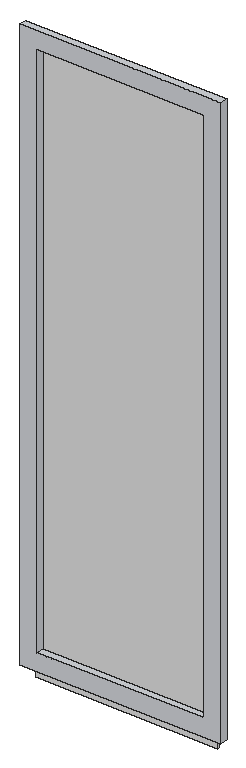
Revit family "Perforated Panel at Magic-Pak", category Windows, host Wall, Revit 2019
Family settings
  Host = Wall
  Always vertical = Yes
  Cut with Voids When Loaded = No
  Shared = No
  Room Calculation Point = No
Parameters (values of type "hvac panel - 2nd floor")
  Blocking Offset - Top = 1 3/4"
  Panel - Height = 120"
  Sill Height [instance] = 12.18689"
  Panel Offset from Frame = 3/16"
  Off_Window = no
  Off_Horz Mullion = yes
  Off_HVAC Panel = yes
  Off_Door = no
  Module Width = 38 51/128"
  HVAC Panel Material = PERFORATED METAL PANEL AT EXTERIOR HVAC LOCATION
  Glass - Thickness = 1/16"
  Gap = 3/8"
  Frame Material = none
  Frame - Width = 3 1/2"
  Frame - Offset = 12 1/4"
  Frame - Depth = 1 1/2"
  Blocking Offset - Bottom = 6"
  Analytic Construction = "<None>"
Types (2): name | Blocking Offset - Bottom
  hvac panel - 2nd floor | 6"
  hvac panel - 3rd floor | 0"
Reference planes (in)
  plane 1: y = 0
  plane 2 "Center (Left/Right)": x = 0
  plane 3 "Wall Edge": y = 3
  plane 4: z = -12.18689
  plane 5: z = 108.18811
  plane 6: x = -20.94922
  plane 7: x = 20.94922
  plane 8: y = 2.75
  plane 9: y = 1.25
  plane 10: z = 106.43811
  plane 11: x = -17.44922
  plane 12: x = 17.44922
  plane 13: z = -6.18689
  plane 14 "glass inset": y = 2.9375
  plane 15 "2": y = 15
  plane 16: x = -19.19922
  plane 17: x = 19.19922
  plane 18: x = 19.01172
  plane 19: x = 19.38672
  plane 20: x = -19.01172
  plane 21: x = -19.38672
  plane 22: z = 108.37561
  plane 23: z = 108.00061
  plane 24: z = -11.99939
  plane 25: z = -12.37439
  plane 26: z = 109.93811
  plane 27: z = -9.68689
  plane 28: z = 0
Forms (in)
  Extrusion 1, void
    sketch origin (0, 3, 0) x (1, 0, 0) y (0, 0, 1)
      loop
        line (19.38672, 108.37561) -> (-19.38672, 108.37561) -> (-19.38672, -12.37439) -> (19.38672, -12.37439) -> (19.38672, 108.37561)
    from 0 to 1.75
  Extrusion 2, solid, material "PERFORATED METAL PANEL AT EXTERIOR HVAC LOCATION" <- "HVAC Panel Material"
    sketch origin (-38.88265, 2.9375, 48) x (-1, 0, 0) y (0, 0, 1)
      loop
        line (-57.89437, 60.00061) -> (-57.89437, -59.99939) -> (-19.87094, -59.99939) -> (-19.87094, 60.00061) -> (-57.89437, 60.00061)
    from 0 to 0.0625 <- "Glass - Thickness"
  Extrusion 3, void
    sketch origin (-45, 3, 0) x (1, 0, 0) y (0, 0, 1)
      loop
        line (65.94922, 109.93811) -> (24.05078, 109.93811) -> (24.05078, -9.68689) -> (65.94922, -9.68689) -> (65.94922, 109.93811)
    from 0.25 to 1.75
  Extrusion 4, solid, material <- "Frame Material"
    sketch origin (-38.88265, 1.25, 48) x (-1, 0, 0) y (0, 0, 1)
      loop
        line (-59.83187, 61.93811) -> (-59.83187, -57.68689) -> (-17.93344, -57.68689) -> (-17.93344, 61.93811) -> (-59.83187, 61.93811)
      loop
        line (-56.33187, 58.43811) -> (-56.33187, -54.18689) -> (-21.43344, -54.18689) -> (-21.43344, 58.43811) -> (-56.33187, 58.43811)
    from 0 to 1.5
Cuts and joins
  Extrusion 3 cuts Extrusion 2
Text (in)
  text "Placement Side" at (0, 40.15149, 123.01588), in view "Right"
  text "Placement Side" at (-70.3804, 28.46503, 0), in view "Ref. Level"
  text "Placement Side" at (0, 81.62555, 140.59947), in view "Left"
Dimensions and locks (in)
  locked: plane 3 "Wall Edge" to host wall
  "Panel - Height": plane 24 to plane 23
  "Frame - Depth": plane 8 to plane 9
  "Frame - Offset": plane 8 to plane 15 "2"
  "Frame - Width": plane 12 to plane 7
  "Frame - Width": plane 6 to plane 11
  "Frame - Width": plane 10 to plane 26
  "Frame - Width": plane 27 to plane 13
  locked: plane 3 "Wall Edge" to plane 15 "2" at 12
  "Sill Height": plane 4 to plane 28
  "Panel Offset from Frame": plane 14 "glass inset" to plane 8
  equal spacing: plane 16, plane 2 "Center (Left/Right)", plane 17
  "Module Width": plane 16 to plane 17
  equal spacing: plane 12, plane 17, plane 7
  equal spacing: plane 6, plane 16, plane 11
  equal spacing: plane 18, plane 17, plane 19
  equal spacing: plane 21, plane 16, plane 20
  "Gap": plane 21 to plane 20
  "Gap": plane 18 to plane 19
  equal spacing: plane 22, plane 5, plane 23
  equal spacing: plane 24, plane 4, plane 25
  "Blocking Offset - Top": plane 5 to plane 26
  "Blocking Offset - Bottom": plane 4 to plane 13
  "Gap": plane 23 to plane 22
  "Gap": plane 25 to plane 24
  aligned and locked: host wall to Extrusion 1
  aligned and locked: Extrusion 1 to plane 9
  aligned and locked: Extrusion 2 sketch curve to plane 18
  aligned and locked: plane 20 to Extrusion 2 sketch curve
  aligned and locked: plane 21 to Extrusion 1 sketch curve
  aligned and locked: Extrusion 1 sketch curve to plane 19
  aligned and locked: plane 7 to Extrusion 3 sketch curve
  aligned and locked: Extrusion 3 sketch curve to plane 6
  aligned and locked: Extrusion 3 to plane 9
  aligned and locked: plane 8 to Extrusion 3
  aligned and locked: Extrusion 2 sketch curve to plane 23
  aligned and locked: plane 24 to Extrusion 2 sketch curve
  aligned and locked: Extrusion 4 sketch curve to plane 11
  aligned and locked: plane 13 to Extrusion 4 sketch curve
  aligned and locked: plane 12 to Extrusion 4 sketch curve
  aligned and locked: Extrusion 4 sketch curve to plane 10
  aligned and locked: Extrusion 4 sketch curve to plane 26
  aligned and locked: Extrusion 4 sketch curve to plane 6
  aligned and locked: plane 7 to Extrusion 4 sketch curve
  aligned and locked: plane 27 to Extrusion 4 sketch curve
  aligned and locked: plane 8 to Extrusion 4
  aligned and locked: Extrusion 3 sketch curve to plane 26
  aligned and locked: plane 27 to Extrusion 3 sketch curve
  aligned and locked: Extrusion 1 sketch curve to plane 22
  aligned and locked: plane 25 to Extrusion 1 sketch curve
  aligned and locked: level to plane 28
